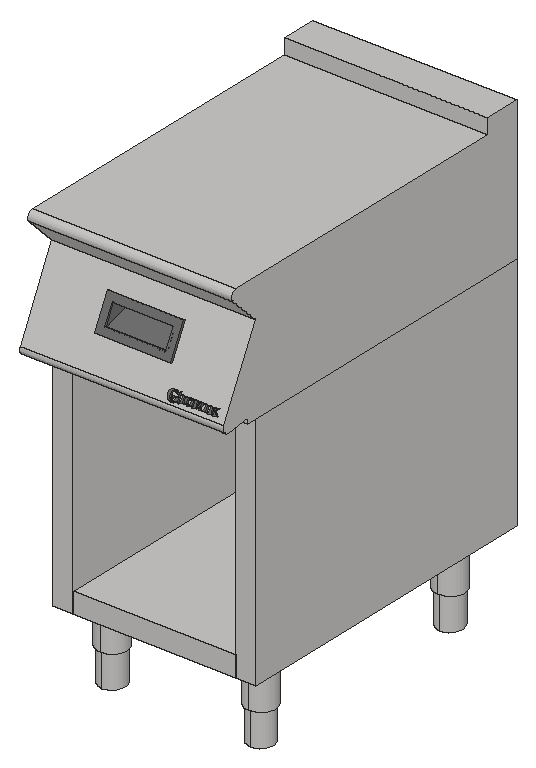
Revit family "QF_GIORIK_EN72CG", category Specialty Equipment, Revit 2014
Parameters (values of type "EN72CG")
  Weight in Pounds = 121.2541
  URL Cutsheet = "www.giorik.com"
  URL = "www.giorik.com"
  Status [instance] = ""
  Specification by User [instance] = ""
  Specification by Manufacturer = ""
  Show Logo [instance] = yes
  Show Clearance [instance] = yes
  Serial Number = ""
  Seismic Rating = ""
  SMACNA No = ""
  Revision Code [instance] = ""
  NAFEM Spec ID Number = ""
  Model = "EN72CG"
  Masterspec = ""
  Manufacturer = "GIORIK"
  Item Number [instance] = ""
  Installed By [instance] = ""
  Identify Quantity as Lot [instance] = no
  Furnished By [instance] = ""
  Foodservice Equipment Identifier [instance] = yes
  Description = "NEUTRAL UNIT WITH DRAWER ON OPEN BASE UNIT"
  CSI MasterFormat = ""
  Assembly Code = "E1090320"
Reference planes
  plane 1 "Back": y = 0
  plane 2: z = 0
  plane 3 "Left": x = 0
  plane 4 "Right": x = 400
  plane 5 "Front": y = -720
  plane 6 "Top": z = 900
Forms (mm)
  Extrusion 1, solid, visible <- "Show Logo"
    sketch origin (191.604, -736.761, 609.486) x (-1, 0, 0) y (0, 0.452718, 0.891654)
      loop
        line (-118.824, 58.358) -> (-127.804, 58.358) -> (-125.523, 56.445) -> (-125.523, 48.027) -> (-127.804, 46.113) -> (-118.824, 46.113) -> (-121.105, 48.027) -> (-121.105, 56.445) -> (-118.824, 58.358)
      loop
        line (-163.721, 58.358) -> (-172.7, 58.358) -> (-170.42, 56.445) -> (-170.42, 48.027) -> (-172.7, 46.113) -> (-163.721, 46.113) -> (-166.001, 48.027) -> (-166.001, 56.445) -> (-163.721, 58.358)
      loop
        line (-174.332, 58.358) -> (-183.312, 58.358) -> (-181.031, 56.445) -> (-181.031, 52.435) -> (-186.419, 56.955) -> (-184.416, 58.358) -> (-191.268, 58.358) -> (-188.01, 56.839) -> (-185.455, 54.283) -> (-190.846, 47.858) -> (-193.396, 46.93) -> (-193.396, 46.113) -> (-184.416, 46.113) -> (-185.437, 47.571) -> (-182.443, 51.552) -> (-181.031, 50.894) -> (-181.031, 48.027) -> (-183.312, 46.113) -> (-174.332, 46.113) -> (-176.613, 48.027) -> (-176.613, 56.445) -> (-174.332, 58.358)
      loop
        line (-115.429, 62.063) -> (-115.429, 54.198)
        arc (-115.429, 54.198) -> (-111.618, 57.803) -> (-106.847, 59.986) r 16.039
        arc (-106.847, 59.986) -> (-103.314, 59.837) -> (-100.512, 57.68) r 5.851
        arc (-100.512, 57.68) -> (-98.815, 52.267) -> (-100.512, 46.853) r 9.479
        arc (-100.512, 46.853) -> (-102.406, 44.986) -> (-104.846, 43.93) r 7.236
        arc (-104.846, 43.93) -> (-107.728, 44.111) -> (-110.052, 45.825) r 5.11
        line (-110.052, 45.825) -> (-110.052, 52.001) -> (-116.141, 52.001) -> (-116.141, 45.503) -> (-117.893, 43.751) -> (-114.094, 44.769)
        arc (-114.094, 44.769) -> (-112.56, 44.947) -> (-111.129, 44.366) r 3.115
        arc (-111.129, 44.366) -> (-104.216, 42.091) -> (-97.303, 44.366) r 11.641
        arc (-97.303, 44.366) -> (-93.396, 52.107) -> (-97.303, 59.849) r 9.622
        arc (-97.303, 59.849) -> (-104.369, 62.174) -> (-111.435, 59.849) r 11.898
        line (-111.435, 59.849) -> (-115.429, 62.063)
      loop
        arc (-129.234, 56.068) -> (-135.893, 58.628) -> (-142.552, 56.068) r 9.941
        arc (-142.552, 56.068) -> (-144.234, 52.286) -> (-142.552, 48.505) r 5.093
        arc (-142.552, 48.505) -> (-135.893, 45.945) -> (-129.234, 48.505) r 9.941
        arc (-129.234, 48.505) -> (-127.552, 52.286) -> (-129.234, 56.068) r 5.093
      loop
        arc (-132.628, 54.403) -> (-135.893, 57.668) -> (-139.158, 54.403) r 3.265
        line (-139.158, 54.403) -> (-139.158, 50.169)
        arc (-139.158, 50.169) -> (-135.893, 46.904) -> (-132.628, 50.169) r 3.265
        line (-132.628, 50.169) -> (-132.628, 54.403)
      loop
        arc (-156.363, 58.365) -> (-159.647, 55.081) -> (-156.363, 51.796) r 3.285
        line (-156.363, 51.796) -> (-159.529, 47.306) -> (-162.087, 46.113) -> (-155.847, 46.113) -> (-153.529, 51.083) -> (-150.637, 51.083) -> (-150.637, 47.784) -> (-153.022, 46.113) -> (-144.011, 46.113) -> (-146.094, 47.68) -> (-146.094, 56.493) -> (-144.229, 58.365) -> (-156.363, 58.365)
      loop
        line (-150.637, 57.512) -> (-153.637, 57.512)
        arc (-153.637, 57.512) -> (-156.237, 54.912) -> (-153.637, 52.312) r 2.6
        line (-153.637, 52.312) -> (-150.637, 52.312) -> (-150.637, 57.512)
      loop
        line (-108.924, 52.001) -> (-104.936, 49.005) -> (-100.948, 52.001) -> (-108.924, 52.001)
    from 1.5 to -0.5
  Extrusion 2, solid
    sketch origin (0, 1000, -20) x (0, 1, 0) y (0, 0, 1)
      loop
        line (-1000, 919.988) -> (-1070, 919.988) -> (-1070, 889.988) -> (-1688.806, 889.988)
        arc (-1688.806, 889.988) -> (-1699.151, 883.075) -> (-1696.724, 870.873) r 11.197
        line (-1696.724, 870.873) -> (-1640.876, 815.025) -> (-1718.948, 661.258)
        arc (-1718.948, 661.258) -> (-1718.233, 650.105) -> (-1708.118, 645.354) r 10.981
        line (-1708.118, 645.354) -> (-1660, 649.925) -> (-1660, 640) -> (-1000, 640) -> (-1000, 919.988)
    from 0 to 400
  Extrusion 3, solid
    sketch origin (0, 0, 599.536) x (1, 0, 0) y (0, 1, 0)
      loop
        line (0, -640) -> (40, -640) -> (40, -40) -> (360, -40) -> (360, -640) -> (400, -640) -> (400, 0) -> (0, 0) -> (0, -640)
    from -449.536 to 20.464
  Extrusion 4, solid
    sketch origin (0, 0, 0) x (1, 0, 0) y (0, 1, 0)
      loop
        line (40, -40) -> (40, -640) -> (360, -640) -> (360, -40) -> (40, -40)
    from 150 to 190
  Extrusion 5, solid
    sketch origin (-16, 560.81, 0) x (1, 0, 0) y (0, 1, 0)
      loop
        line (25, -1086.81) -> (25, -1156.81) -> (115, -1156.81) -> (115, -1086.81) -> (25, -1086.81)
    from 148 to 150
  Revolve 6, solid
    sketch origin (54, 560.81, 0) x (0, 1, 0) y (0, 0, 1)
      loop
        line (-1092.56, 66) -> (-1092.56, 148) -> (-1121.81, 148) -> (-1121.81, 0) -> (-1096.81, 0) -> (-1096.81, 66) -> (-1092.56, 66)
      axis (-1121.81, 0) -> (-1121.81, 148)
    angle from 0 to 360
  Revolve 7, solid
    sketch origin (54, 1025.81, 0) x (0, 1, 0) y (0, 0, 1)
      loop
        line (-1092.56, 66) -> (-1092.56, 148) -> (-1121.81, 148) -> (-1121.81, 0) -> (-1096.81, 0) -> (-1096.81, 66) -> (-1092.56, 66)
      axis (-1121.81, 0) -> (-1121.81, 148)
    angle from 0 to 360
  Extrusion 8, solid
    sketch origin (416, 560.81, 0) x (-1, 0, 0) y (0, -1, 0)
      loop
        line (25, 1086.81) -> (115, 1086.81) -> (115, 1156.81) -> (25, 1156.81) -> (25, 1086.81)
    from 148 to 150
  Revolve 9, solid
    sketch origin (346, 560.81, 0) x (0, 1, 0) y (0, 0, -1)
      loop
        line (-1092.56, -66) -> (-1096.81, -66) -> (-1096.81, 0) -> (-1121.81, 0) -> (-1121.81, -148) -> (-1092.56, -148) -> (-1092.56, -66)
      axis (-1121.81, 0) -> (-1121.81, -148)
    angle from 0 to 360
  Extrusion 10, solid
    sketch origin (416, -1217.81, 0) x (-1, 0, 0) y (0, -1, 0)
      loop
        line (25, -1086.81) -> (25, -1156.81) -> (115, -1156.81) -> (115, -1086.81) -> (25, -1086.81)
    from 148 to 150
  Revolve 11, solid
    sketch origin (346, -1217.81, 0) x (0, -1, 0) y (0, 0, 1)
      loop
        line (-1092.56, 66) -> (-1092.56, 148) -> (-1121.81, 148) -> (-1121.81, 0) -> (-1096.81, 0) -> (-1096.81, 66) -> (-1092.56, 66)
      axis (-1121.81, 0) -> (-1121.81, 148)
    angle from 0 to 360
  Extrusion 12, solid, visible <- "Show Clearance", detail levels coarse
    sketch origin (0, 45, 232) x (0, 1, 0) y (0, 0, 1)
      loop
        line (-685, 393.257) -> (-685, 563) -> (-1220, 563) -> (-1220, 393.257) -> (-685, 393.257)
    from 0 to 400
  Extrusion 13, solid
    sketch origin (200, -320.043, -86.16) x (0, 0.891654, -0.452718) y (0, 0.452718, 0.891654)
      loop
        line (-642, 585) -> (-685, 545) -> (-681.85, 545) -> (-642, 582.07) -> (-642, 585)
    from -60 to 60
  Extrusion 14, solid
    sketch origin (-200, -930.826, 223.952) x (1, 0, 0) y (0, 0.452718, 0.891654)
      loop
        line (340, 585) -> (340, 545) -> (460, 545) -> (460, 585) -> (340, 585)
      loop
        line (325, 600) -> (325, 530) -> (475, 530) -> (475, 600) -> (325, 600)
    from 0 to 2
  Extrusion 15, solid
    sketch origin (-200, -320.043, -86.16) x (1, 0, 0) y (0, 0.452718, 0.891654)
      loop
        line (338, 587) -> (338, 543) -> (462, 543) -> (462, 587) -> (338, 587)
      loop
        line (340, 585) -> (340, 545) -> (460, 545) -> (460, 585) -> (340, 585)
    from 642 to 685
  Extrusion 16, void
    sketch origin (-200, 0, 0) x (0, 1, 0) y (0, 0, 1)
      loop
        line (-665.08, 747.353) -> (-685, 708.12) -> (-644.876, 687.748) -> (-624.956, 726.98) -> (-665.08, 747.353)
    from 338 to 462
  Extrusion 17, solid
    sketch origin (-16, -1217.81, 0) x (1, 0, 0) y (0, 1, 0)
      loop
        line (25, 1086.81) -> (115, 1086.81) -> (115, 1156.81) -> (25, 1156.81) -> (25, 1086.81)
    from 148 to 150
Cuts and joins
  Extrusion 16 cuts Extrusion 2
Lines and regions (mm)
  symbolic lines, style "200-EquipBorder-2D"
    curve 1: line (0, -720, 0) -> (400, -720, 0)
    curve 2: line (400, -720, 0) -> (400, 0, 0)
    curve 3: line (400, 0, 0) -> (0, 0, 0)
    curve 4: line (0, 0, 0) -> (0, -720, 0)
  symbolic lines, style "QF_Door-Drawer Clearances", visible <- "Show Clearance", detail levels coarse
    curve 5: line (0, -720, 0) -> (0, -1175, 0)
    curve 6: line (0, -1175, 900) -> (400, -1175, 900)
    curve 7: line (400, -1175, 900) -> (400, -720, 900)
  symbolic lines, style "200-EquipInternal-2D"
    curve 8: line (0, -70, 900) -> (400, -70, 900)
Dimensions and locks
  plane 3 "Left" to plane 4 "Right" = 400 mm
  plane 5 "Front" to plane 1 "Back" = 720 mm
  plane 4 "Right" to plane 3 "Left" = 400 mm
  plane 1 "Back" to plane 5 "Front" = 720 mm
  plane 6 "Top" to level = 900 mm  (x2)
  aligned and locked: level to plane 2
